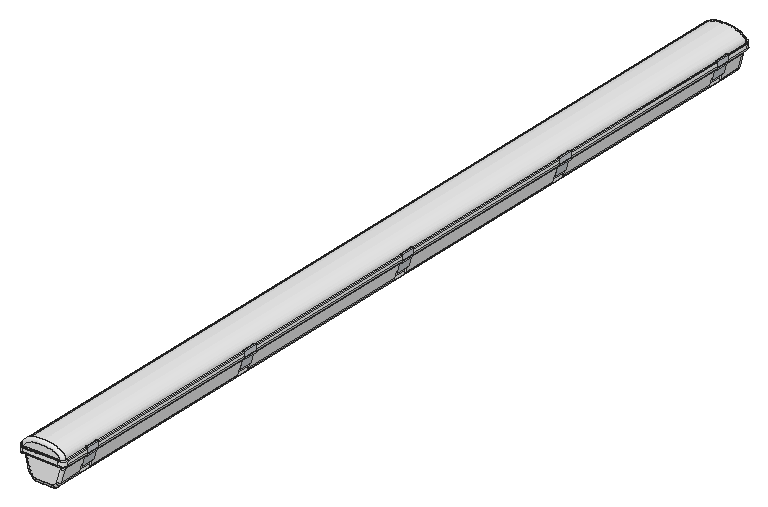
Revit family "0048727 Sylvania Lighting Fixture SYLPRF SUP LED G3 1500MM S 4K D E3", category Lighting Fixtures, host Face, Revit 2016
Family settings
  Host = Face
  Part Type = Normal
  Round Connector Dimension = Use Diameter
  OmniClass Number = 23.80.70.11.14
  OmniClass Title = General Luminaries, Directional
  Cut with Voids When Loaded = No
  Light Source = Yes
  Shared = No
  Room Calculation Point = No
Parameters (values of type "0048727 SYLPRF SUP LED G3 1500MM S 4K D E3")
  Width = 84 mm
  Weight = "kg"
  Wattage Comments = "n/a"
  Wattage = 33 W
  WarrantyStartDate [instance] = "n/a"
  WarrantyGuarantorParts = "n/a"
  WarrantyDurationUnit = "n/a"
  WarrantyDurationParts = "n/a"
  WarrantyDescription = "n/a"
  built-in parameter 1150110 = 1 (stored number, unit not read)
  Voltage = 230 V
  URL = "http://www.sylvania-lighting.com"
  TypeName = "SYLPRF SUP LED G3 1500MM S 4K D E3"
  Type Image = <None>
  Type Comments = "n/a"
  built-in parameter 1114217 = 1 (stored number, unit not read)
  Tilt Angle = -90.00°
  built-in parameter 1150109 = 1 (stored number, unit not read)
  built-in parameter 1150134 = 12
  built-in parameter 1150113 = 1 (stored number, unit not read)
  SerialNumber [instance] = "n/a"
  ReflectorMaterial = none
  PowerFactor = 0
  PowerConsumption = "33 W"
  Photometric Web File = "0048727.ies"
  NominalWidth = 0 mm
  NominalLength = 1578 mm
  NominalHeight = 75 mm
  Name = "SYLPRF SUP LED G3 1500MM S 4K D E3"
  ModelReference = "SYLPRF SUP LED G3 1500MM S 4K D E3"
  ModelNumber = "0048727"
  Model = "SYLPRF SUP LED G3 1500MM S 4K D E3"
  Material = "polycarbonate housing, polycarbonate diffuser"
  ManufacturerName = "Feilo Sylvania"
  Manufacturer = "Feilo Sylvania"
  LuminousEfficacy = "145 lm/W"
  built-in parameter 1150105 = 380.78 (stored number, unit not read)
  Lumens = 4785 lm
  LuminaireType = ""
  built-in parameter 1150115 = 1 (stored number, unit not read)
  LightOutputRatio = "n/a"
  built-in parameter 1150137 = (empty or 0)
  built-in parameter 1150139 = (empty or 0)
  Length = 1572 mm
  LampsType = Lamp  # "LED"
  LampNominalLuminous = "4800 lm"
  LampMacAdamStep = "3"
  LampColourTemperature = "4000 K"
  LampColourRenderingIndex = "80"
  built-in parameter 1150112 = 1 (stored number, unit not read)
  built-in parameter 1150114 = 1 (stored number, unit not read)
  Lamp = "LED"
  Keynote = "16500"
  InstallationDate [instance] = "n/a"
  InputVoltage = "220-240V~"
  InputNominalFrequency = "DC/50/60 Hz"
  built-in parameter 1150132 = (empty or 0)
  built-in parameter 1150102 = (empty or 0)
  built-in parameter 1150107 = 4000 (stored number, unit not read)
  built-in parameter 1150138 = (empty or 0)
  IngressProtection = "IP65"
  ImpactProtectionIndex = "IK08"
  built-in parameter 1150106 = 3.8078 (stored number, unit not read)
  IfcExportType = "IfcLightFixtureType"
  IfcExportAs = "IfcLightFixtureType"
  ExpectedLife = 50000
  Emit from Rectangle Width = Width - 20 mm  # 64 mm
  Emit from Rectangle Length = Length - 20 mm  # 1552 mm
  Emit Shape Visible in Rendering = no
  ElectricShockClassification = "Class I"
  built-in parameter 1150104 = 13.471 (stored number, unit not read)
  DurationUnit = "hours"
  DocumentationLiterature = "http://www.sylvania-lighting.com/product/en-int/products/0048727"
  DimmingControlOptions = "Dimmable"
  Dimming Lamp Color Temperature Shift = <None>
  DiffuserMaterial = Diffuser-Sylvania-Transparent
  Description = "Sylproof Superia, integrated LED weatherproof luminaire, with UV stabilized flat diffuser and linear prisms designed to achieve uniform lit appearance, optimise light output and to reduce glare, stainless steel diffuser clips and fixing brackets for surface and wall mounting. L 1578 mm x W 84 mm x H 75 mm size, Polycarbonate housing, Polycarbonate diffuser, DALI dimmable, 3 hour emergency, 4000K, CRI80,  4800 lm, 33 W, 145 lm/W, nominal average life (h):50000, energy class: A++ A+ A Class I,IK08, IP65."
  Default Elevation = 1219.2 mm
  CreatedOn = "3/27/2018"
  CreatedBy = "aron.fodor@feilosylvania.com"
  Cost = 0
  Color Filter = 16777215
  built-in parameter 1114216 [instance] = (empty or 0)
  ClassificationValue = "EF_70_80"
  ClassificationName = "Uniclass2015"
  BodyMaterial = Body-Sylvania-Gray
  BarCode [instance] = "n/a"
  built-in parameter 1114218 = 1 (stored number, unit not read)
  built-in parameter 1150133 = 10 (stored number, unit not read)
  AssetType = "Fixed"
  AssetIdentifier [instance] = "n/a"
  Assembly Code = "D5020200"
  Apparent Load = 33 VA
  AccessoryMaterial = Diffuser-Sylvania-Glow
Types (2, lengths in mm): name | Wattage | PowerConsumption | Photometric Web File | built-in parameter 1150105 | Lumens | LampNominalLuminous | built-in parameter 1150106 | Apparent Load
  0048727 SYLPRF SUP LED G3 1500MM S 4K D E3 | 33 W | "33 W" | "0048727.ies" | 380.78 (stored number, unit not read) | 4785 lm | "4800 lm" | 3.8078 (stored number, unit not read) | 33 VA
  0048727 SYLPRF SUP LED G3 1500MM S 4K D E3 Emergency mode | 1.51724 W | "1.51 W" | "0048727EM.ies" | 17.507 (stored number, unit not read) | 220 lm | "220 lm" | 0.17507 (stored number, unit not read) | 1.51724 VA
Reference planes
  plane 1 "Center (Front/Back)": y = 0
  plane 2: z = 0
  plane 3 "Center (Left/Right)": x = 0
  plane 4: z = 54
  plane 5: x = -14.7
  plane 6: x = -21.8
  plane 7: x = -26.6
  plane 8: x = -29.2
  plane 9: z = 3
  plane 10: z = 7.8
  plane 11: z = 12.3
  plane 12: z = 36.6
  plane 13: z = 42.8
  plane 14: x = -38.1
  plane 15: z = 46.2
  plane 16: x = -42
  plane 17: y = 786
  plane 18: y = -786
  plane 19: x = 14.7
  plane 20: x = 21.8
  plane 21: x = 26.6
  plane 22: x = 29.2
  plane 23: x = 38.1
  plane 24: x = 42
  plane 25: y = 778.4
  plane 26: y = -778.4
  plane 27: y = -774.7
  plane 28: y = 774.7
  plane 29: z = 74
  plane 30: x = -38.5
  plane 31: x = 38.5
  plane 32: z = 55.2
  plane 33: y = -782.5
  plane 34: y = 782.5
  plane 35: x = -24.5
  plane 36: x = 24.5
  plane 37: x = -35.7
  plane 38: x = 35.7
  plane 39: z = 50.2
  plane 40: z = 24.6
  plane 41: y = -720
  plane 42: y = -734
  plane 43: y = -706
  plane 44: y = 720
  plane 45: y = -720
  plane 46: y = -734
  plane 47: y = -706
  plane 48: y = 720
  plane 49: y = 706
  plane 50: y = 734
  plane 51: y = -360
  plane 52: y = -374
  plane 53: y = -346
  plane 54: y = 0
  plane 55: y = -14
  plane 56: y = 14
  plane 57: y = 360
  plane 58: y = 346
  plane 59: y = 374
Forms (mm)
  Sweep 1, solid, material "Body-Sylvania-Gray" <- "BodyMaterial", detail levels medium+fine
    path origin (1223.4, -4572, 54) x (0, -1, 0) y (1, 0, 0)
      loop
        arc (-3796, -1265.4) -> (-3788.929, -1262.471) -> (-3786, -1255.4) r 10
        line (-3786, -1255.4) -> (-3786, -1191.4)
        arc (-3786, -1191.4) -> (-3788.929, -1184.329) -> (-3796, -1181.4) r 10
        line (-3796, -1181.4) -> (-5348, -1181.4)
        arc (-5348, -1181.4) -> (-5355.071, -1184.329) -> (-5358, -1191.4) r 10
        line (-5358, -1191.4) -> (-5358, -1255.4)
        arc (-5358, -1255.4) -> (-5355.071, -1262.471) -> (-5348, -1265.4) r 10
        line (-5348, -1265.4) -> (-3796, -1265.4)
    profile origin (-42, 0, 54) x (-1, 0, 0) y (0, 0, 1)
      loop
        line (0, 0) -> (-1, 0) -> (-1, -7.726)
        arc (-1, -7.726) -> (-1.994, -9.498) -> (-3.9, -10.2) r 2.937
        line (-3.9, -10.2) -> (-8.571, -10.2) -> (-8.571, -11.2) -> (-3.9, -11.2)
        arc (-3.9, -11.2) -> (-1.313, -10.231) -> (0, -7.8) r 3.937
        line (0, -7.8) -> (0, 0)
  Sweep 2, solid, material "Body-Sylvania-Gray" <- "BodyMaterial", detail levels medium+fine
    path origin (0, 0, 0) x (1, 0, 0) y (0, 0, 1)
      loop
        line (35.7, 42.8) -> (35.7, 36.6) -> (29.203, 12.31)
        arc (29.203, 12.31) -> (28.199, 9.884) -> (26.6, 7.8) r 10.052
        line (26.6, 7.8) -> (21.8, 3)
        arc (21.8, 3) -> (18.554, 0.781) -> (14.7, 0) r 9.902
        line (14.7, 0) -> (0, 0) -> (-14.7, 0)
        arc (-14.7, 0) -> (-18.554, 0.781) -> (-21.8, 3) r 9.902
        line (-21.8, 3) -> (-26.6, 7.8)
        arc (-26.6, 7.8) -> (-28.199, 9.884) -> (-29.203, 12.31) r 10.052
        line (-29.203, 12.31) -> (-35.7, 36.6) -> (-35.7, 42.8)
    profile origin (0, 0, 0) x (0, 0, -1) y (0, -1, 0)
      loop
        arc (0, 773.4) -> (-1.464, 776.936) -> (-5, 778.4) r 5
        line (-5, 778.4) -> (-7.8, 778.4) -> (-7.8, -778.4) -> (-5, -778.4)
        arc (-5, -778.4) -> (-1.464, -776.936) -> (0, -773.4) r 5
        line (0, -773.4) -> (0, 773.4)
  Extrusion 3, solid, material "Body-Sylvania-Gray" <- "BodyMaterial", detail levels medium+fine
    sketch origin (1524, 778.4, 1219.2) x (1, 0, 0) y (0, 0, 1)
      loop
        arc (-1545.668, -1204.874) -> (-1545.443, -1205.418) -> (-1545.085, -1205.885) r 2.252
        line (-1545.085, -1205.885) -> (-1540.231, -1210.738)
        arc (-1540.231, -1210.738) -> (-1539.534, -1211.227) -> (-1538.7, -1211.4) r 2.102
        line (-1538.7, -1211.4) -> (-1509.3, -1211.4)
        arc (-1509.3, -1211.4) -> (-1508.466, -1211.227) -> (-1507.769, -1210.738) r 2.102
        line (-1507.769, -1210.738) -> (-1502.915, -1205.885)
        arc (-1502.915, -1205.885) -> (-1502.557, -1205.418) -> (-1502.332, -1204.874) r 2.252
        line (-1502.332, -1204.874) -> (-1496.1, -1181.575) -> (-1496.1, -1176.4) -> (-1551.9, -1176.4) -> (-1551.9, -1181.575) -> (-1545.668, -1204.874)
    from 0 to 1556.8
  Sweep 4, solid, material "Diffuser-Sylvania-Transparent" <- "DiffuserMaterial", detail levels medium+fine
    path origin (0, 0, 0) x (1, 0, 0) y (0, 0, 1)
      loop
        spline (-38.5, 55.2) -> (-37.188, 60.066) -> (-33.342, 64.6) -> (-27.224, 68.494) -> (-19.25, 71.481) -> (-9.965, 73.359) -> (0, 74) -> (9.965, 73.359) -> (19.25, 71.481) -> (27.224, 68.494) -> (33.342, 64.6) -> (37.188, 60.066) -> (38.5, 55.2)
    profile origin (38.5, 0, 55.2) x (0, -1, 0) y (1, 0, 0)
      loop
        arc (782.5, -5.5) -> (780.889, -1.611) -> (777, 0) r 5.5
        line (777, 0) -> (-777, 0)
        arc (-777, 0) -> (-780.889, -1.611) -> (-782.5, -5.5) r 5.5
        line (-782.5, -5.5) -> (-782.5, -6.3) -> (-781.5, -6.3) -> (-781.5, -5.5)
        arc (-781.5, -5.5) -> (-780.182, -2.318) -> (-777, -1) r 4.5
        line (-777, -1) -> (777, -1)
        arc (777, -1) -> (780.182, -2.318) -> (781.5, -5.5) r 4.5
        line (781.5, -5.5) -> (781.5, -6.347) -> (782.5, -6.347) -> (782.5, -5.5)
  Extrusion 5, solid, material "Diffuser-Sylvania-Transparent" <- "DiffuserMaterial", detail levels medium+fine
    sketch origin (1524, -782.5, 1219.2) x (1, 0, 0) y (0, 0, 1)
      loop
        line (-1556.653, -1164) -> (-1491.347, -1164)
        spline (-1491.347, -1164) -> (-1491.939, -1161.945) -> (-1494.434, -1159.066) -> (-1499.342, -1155.96) -> (-1506.338, -1153.35) -> (-1514.799, -1151.648) -> (-1524, -1151.047) -> (-1533.201, -1151.648) -> (-1541.662, -1153.35) -> (-1548.658, -1155.96) -> (-1553.566, -1159.066) -> (-1556.061, -1161.945) -> (-1556.653, -1164)
    from 0 to -1
  Extrusion 6, solid, material "Diffuser-Sylvania-Transparent" <- "DiffuserMaterial", detail levels medium+fine
    sketch origin (1524, 782.5, 1219.2) x (1, 0, 0) y (0, 0, 1)
      loop
        spline (-1491.3, -1164) -> (-1491.898, -1161.922) -> (-1494.404, -1159.03) -> (-1499.322, -1155.918) -> (-1506.325, -1153.305) -> (-1514.793, -1151.602) -> (-1524, -1151) -> (-1533.207, -1151.602) -> (-1541.675, -1153.305) -> (-1548.678, -1155.918) -> (-1553.596, -1159.03) -> (-1556.102, -1161.922) -> (-1556.7, -1164)
        line (-1556.7, -1164) -> (-1491.3, -1164)
    from 0 to 1
  Extrusion 7, solid, material "Diffuser-Sylvania-Glow" <- "AccessoryMaterial", detail levels fine
    sketch origin (0, 0, 0) x (1, 0, 0) y (0, 0, 1)
      loop
        circle (0, 50.2) r 8
    from -774.7 to 774.7
  Extrusion 8, void
    sketch origin (0, -720, 2343.807) x (0, 0, -1) y (-1, 0, 0)
      loop
        line (2340.807, -24.5) -> (2331.507, -24.5) -> (2319.207, -29.2) -> (2319.207, -35.7) -> (2340.807, -35.7) -> (2340.807, -24.5)
      loop
        line (2340.807, 24.5) -> (2340.807, 35.7) -> (2319.207, 35.7) -> (2319.207, 29.2) -> (2331.507, 24.5) -> (2340.807, 24.5)
    from 14 to -14
  Extrusion 9, void, not visible
    sketch origin (0, -720, 2343.807) x (0, 0, -1) y (-1, 0, 0)
      loop
        line (2340.807, -24.5) -> (2331.507, -24.5) -> (2319.207, -29.2) -> (2319.207, -35.7) -> (2340.807, -35.7) -> (2340.807, -24.5)
      loop
        line (2340.807, 24.5) -> (2340.807, 35.7) -> (2319.207, 35.7) -> (2319.207, 29.2) -> (2331.507, 24.5) -> (2340.807, 24.5)
    from 14 to -14
  Extrusion 10, void
    sketch origin (0, 720, 2343.807) x (0, 0, -1) y (-1, 0, 0)
      loop
        line (2340.807, -24.5) -> (2331.507, -24.5) -> (2319.207, -29.2) -> (2319.207, -35.7) -> (2340.807, -35.7) -> (2340.807, -24.5)
      loop
        line (2340.807, 24.5) -> (2340.807, 35.7) -> (2319.207, 35.7) -> (2319.207, 29.2) -> (2331.507, 24.5) -> (2340.807, 24.5)
    from 14 to -14
  Extrusion 11, void
    sketch origin (0, -360, 2343.807) x (0, 0, -1) y (-1, 0, 0)
      loop
        line (2340.807, -24.5) -> (2331.507, -24.5) -> (2319.207, -29.2) -> (2319.207, -35.7) -> (2340.807, -35.7) -> (2340.807, -24.5)
      loop
        line (2340.807, 24.5) -> (2340.807, 35.7) -> (2319.207, 35.7) -> (2319.207, 29.2) -> (2331.507, 24.5) -> (2340.807, 24.5)
    from 14 to -14
  Extrusion 12, void
    sketch origin (0, 0, 2343.807) x (0, 0, -1) y (-1, 0, 0)
      loop
        line (2340.807, -24.5) -> (2331.507, -24.5) -> (2319.207, -29.2) -> (2319.207, -35.7) -> (2340.807, -35.7) -> (2340.807, -24.5)
      loop
        line (2340.807, 24.5) -> (2340.807, 35.7) -> (2319.207, 35.7) -> (2319.207, 29.2) -> (2331.507, 24.5) -> (2340.807, 24.5)
    from 14 to -14
  Extrusion 13, void
    sketch origin (0, 360, 2343.807) x (0, 0, -1) y (-1, 0, 0)
      loop
        line (2340.807, -24.5) -> (2331.507, -24.5) -> (2319.207, -29.2) -> (2319.207, -35.7) -> (2340.807, -35.7) -> (2340.807, -24.5)
      loop
        line (2340.807, 24.5) -> (2340.807, 35.7) -> (2319.207, 35.7) -> (2319.207, 29.2) -> (2331.507, 24.5) -> (2340.807, 24.5)
    from 14 to -14
  Extrusion 14, solid, material "Diffuser-Sylvania-Transparent" <- "DiffuserMaterial", detail levels medium+fine
    sketch origin (1223.4, -4572, 54) x (0, -1, 0) y (-1, 0, 0)
      loop
        arc (-5348, 1265.4) -> (-5355.071, 1262.471) -> (-5358, 1255.4) r 10
        line (-5358, 1255.4) -> (-5358, 1191.4)
        arc (-5358, 1191.4) -> (-5355.071, 1184.329) -> (-5348, 1181.4) r 10
        line (-5348, 1181.4) -> (-3796, 1181.4)
        arc (-3796, 1181.4) -> (-3788.929, 1184.329) -> (-3786, 1191.4) r 10
        line (-3786, 1191.4) -> (-3786, 1255.4)
        arc (-3786, 1255.4) -> (-3788.929, 1262.471) -> (-3796, 1265.4) r 10
        line (-3796, 1265.4) -> (-5348, 1265.4)
      loop
        arc (-5354.5, 1190.394) -> (-5352.887, 1186.509) -> (-5349, 1184.9) r 5.5
        line (-5349, 1184.9) -> (-3795, 1184.9)
        arc (-3795, 1184.9) -> (-3791.113, 1186.509) -> (-3789.5, 1190.394) r 5.5
        line (-3789.5, 1190.394) -> (-3789.5, 1256.406)
        arc (-3789.5, 1256.406) -> (-3791.113, 1260.291) -> (-3795, 1261.9) r 5.5
        line (-3795, 1261.9) -> (-5349, 1261.9)
        arc (-5349, 1261.9) -> (-5352.887, 1260.291) -> (-5354.5, 1256.406) r 5.5
        line (-5354.5, 1256.406) -> (-5354.5, 1190.394)
    from 0 to -1.2
  Extrusion 15, solid, material "Body-Sylvania-Gray" <- "BodyMaterial", detail levels coarse
    sketch origin (0, 0, 0) x (1, 0, 0) y (0, 0, 1)
      loop
        line (-42, 55.2) -> (-42, 42.8) -> (-26.6, 0) -> (26.6, 0) -> (42, 42.8) -> (42, 55.2) -> (-42, 55.2)
    from -786 to 786
  Extrusion 16, solid, material "Diffuser-Sylvania-Transparent" <- "DiffuserMaterial", detail levels coarse
    sketch origin (0, 0, 0) x (1, 0, 0) y (0, 0, 1)
      loop
        line (-38.5, 55.2) -> (38.5, 55.2)
        arc (38.5, 55.2) -> (0, 74) -> (-38.5, 55.2) r 48.822
    from -778.4 to 778.4
Cuts and joins
  Extrusion 8, Extrusion 10, Extrusion 11, Extrusion 12, Extrusion 13 cuts Sweep 2
  Extrusion 8, Extrusion 10, Extrusion 11, Extrusion 12, Extrusion 13 cuts Extrusion 3
  joined: Sweep 2, Extrusion 3
  joined: Sweep 4, Extrusion 5, Extrusion 6, Extrusion 14
Dimensions and locks
  locked: plane 4 to plane 2 at 54
  plane 5 to plane 6 to plane 7 to plane 8 to plane 14 to plane 16 = 7.1 mm locked, 4.8 mm locked, 2.6 mm locked, 8.9 mm locked, 3.9 mm locked
  plane 4 to plane 15 to plane 13 to plane 12 to plane 11 to plane 10 to plane 9 = 7.8 mm locked, 3.4 mm, 6.2 mm locked, 24.3 mm locked, 4.5 mm locked, 4.8 mm locked
  equal spacing: plane 18, plane 1 "Center (Front/Back)", plane 17
  "Length": plane 18 to plane 17
  plane 19 to plane 20 to plane 21 to plane 22 to plane 23 to plane 24 = 7.1 mm locked, 4.8 mm locked, 2.6 mm locked, 8.9 mm, 3.9 mm
  equal spacing: plane 24, plane 3 "Center (Left/Right)", plane 16
  "Width": plane 24 to plane 16
  equal spacing: plane 27, plane 1 "Center (Front/Back)", plane 28
  locked: plane 26 to plane 27 at 3.7
  locked: Sweep 1 sketch curve to profile plane at 1
  locked: Sweep 1 sketch curve to plane 13 at 1
  locked: Sweep 1 sketch curve to plane 13 at 3.937  (x2)
  locked: Sweep 1 sketch curve to profile plane at 3.9  (x2)
  plane 29 to plane 4 = 20 mm
  equal spacing: plane 31, plane 3 "Center (Left/Right)", plane 30
  locked: plane 30 to plane 16 at 3.5
  locked: plane 32 to plane 4 at 1.2
  equal spacing: plane 33, plane 1 "Center (Front/Back)", plane 34
  equal spacing: plane 36, plane 3 "Center (Left/Right)", plane 35
  locked: plane 34 to plane 17 at 3.5
  equal spacing: plane 38, plane 3 "Center (Left/Right)", plane 37
  locked: plane 37 to plane 16 at 6.3
  equal spacing: plane 25, plane 1 "Center (Front/Back)", plane 26
  locked: plane 17 to plane 25 at 7.6
  locked: Sweep 2 sketch curve to plane 2 at 5  (x2)
  locked: Sweep 2 sketch curve to plane 26 at 5
  locked: plane 25 to Sweep 2 sketch curve at 5
  locked: Sweep 4 sketch curve to plane 31 at 5.5  (x2)
  locked: Sweep 4 sketch curve to plane 34 at 5.5
  plane 33 to Sweep 4 sketch curve = 5.5 mm
  locked: plane 34 to Sweep 4 sketch curve at 1
  locked: Sweep 4 sketch curve to plane 31 at 1
  locked: Sweep 4 sketch curve to Sweep 4 sketch curve at 1
  locked: Sweep 4 sketch curve to plane 31 at 6.347
  locked: Sweep 4 sketch curve to plane 31 at 6.3
  locked: plane 40 to plane 2 at 24.6
  locked: plane 6 to plane 35 at 2.7
  locked: plane 1 "Center (Front/Back)" to plane 41 at 720
  plane 43 to plane 41 to plane 42 = 14 mm locked, 14 mm locked
  locked: plane 44 to plane 1 "Center (Front/Back)" at 720
  plane 47 to plane 45 to plane 46 = 14 mm locked, 14 mm locked
  plane 50 to plane 48 to plane 49 = 14 mm locked, 14 mm locked  (x2)
  equal spacing: group 1, group 6, group 7, group 8, group 5  (x3)
  plane 53 to plane 51 to plane 52 = 14 mm locked, 14 mm locked  (x2)
  plane 56 to plane 54 to plane 55 = 14 mm locked, 14 mm locked  (x2)
  plane 59 to plane 57 to plane 58 = 14 mm locked, 14 mm locked  (x2)
  plane 48 to plane 57 to plane 1 "Center (Front/Back)" to plane 51 to plane 41 = 360 mm locked, 360 mm locked, 360 mm locked, 360 mm locked
  aligned and locked: plane 2 to host face
  aligned and locked: level to host face
  aligned and locked: plane 16 to Sweep 1 sketch curve
  aligned and locked: Sweep 1 sketch curve to plane 24
  aligned and locked: plane 18 to Sweep 1 sketch curve
  aligned and locked: Sweep 1 sketch curve to plane 13
  aligned and locked: profile plane to Sweep 1 sketch curve
  aligned and locked: plane 3 "Center (Left/Right)" to Sweep 2 sketch curve
  aligned and locked: plane 9 to Sweep 2 sketch curve
  aligned and locked: plane 10 to Sweep 2 sketch curve
  aligned and locked: plane 37 to Sweep 2 sketch curve
  aligned and locked: plane 12 to Sweep 2 sketch curve
  aligned and locked: Sweep 2 sketch curve to level
  aligned and locked: plane 21 to Sweep 2 sketch curve
  aligned and locked: plane 38 to Sweep 2 sketch curve
  aligned and locked: profile plane to Sweep 2 sketch curve
  aligned and locked: plane 25 to Sweep 2 sketch curve
  aligned and locked: Sweep 2 sketch curve to plane 10
  aligned and locked: Extrusion 3 sketch curve to Sweep 2  (x7)
  aligned and locked: Sweep 2 to Extrusion 3 sketch curve
  aligned and locked: Extrusion 3 to plane 25
  aligned and locked: plane 26 to Extrusion 3
  aligned and locked: plane 32 to Sweep 4 sketch curve
  aligned and locked: plane 33 to Sweep 4 sketch curve
  aligned and locked: Sweep 4 to Extrusion 5
  aligned and locked: plane 33 to Extrusion 5
  aligned and locked: plane 39 to Extrusion 7 sketch curve
  aligned and locked: plane 27 to Extrusion 7
  aligned and locked: Extrusion 7 to plane 28
  aligned and locked: Extrusion 6 sketch curve to Sweep 4
  aligned and locked: Extrusion 5 sketch curve to Sweep 4
  aligned and locked: Extrusion 8 to plane 43
  aligned and locked: plane 42 to Extrusion 8
  aligned and locked: Extrusion 10 to plane 50
  aligned and locked: plane 49 to Extrusion 10
  aligned and locked: Extrusion 11 to plane 53
  aligned and locked: plane 52 to Extrusion 11
  aligned and locked: Extrusion 12 to plane 56
  aligned and locked: plane 55 to Extrusion 12
  aligned and locked: Extrusion 13 to plane 59
  aligned and locked: plane 58 to Extrusion 13
  aligned and locked: plane 3 "Center (Left/Right)" to Extrusion 7 sketch curve
  aligned and locked: Extrusion 14 sketch curve to Sweep 1  (x4)
  aligned and locked: Extrusion 14 to plane 32
  aligned and locked: plane 4 to Extrusion 14
  aligned and locked: plane 48 to nested 1
  aligned and locked: plane 57 to nested 2
  aligned and locked: plane 54 to nested 3
  aligned and locked: nested 4 to plane 51
  aligned and locked: nested 5 to plane 41
  aligned and locked: plane 41 to nested 10
  aligned and locked: plane 51 to nested 9
  aligned and locked: plane 54 to nested 8
  aligned and locked: plane 57 to nested 7
  aligned and locked: plane 48 to nested 6
  aligned and locked: plane 1 "Center (Front/Back)" to imposter light
  aligned and locked: plane 3 "Center (Left/Right)" to imposter light
  aligned and locked: imposter light to plane 29
  aligned and locked: plane 7 to Extrusion 15 sketch curve
  aligned and locked: plane 2 to Extrusion 15 sketch curve
  aligned and locked: Extrusion 15 sketch curve to nested 6
  aligned and locked: Extrusion 15 sketch curve to nested 1
  aligned and locked: plane 18 to Extrusion 15
  aligned and locked: Extrusion 15 to plane 17
  aligned and locked: Extrusion 15 to Sweep 1  (x2)
  aligned and locked: plane 30 to Extrusion 16 sketch curve
  aligned and locked: plane 31 to Extrusion 16 sketch curve
  aligned and locked: Extrusion 16 sketch curve to cut or joined group of Sweep 4, Extrusion 5, Extrusion 6, Extrusion 14
  aligned and locked: Extrusion 16 to plane 25
  aligned and locked: plane 26 to Extrusion 16
Automatic sketch dimensions
  host sketch curve to host sketch curve = 2438.4 mm  (x2)
  plane 17 to Sweep 1 sketch curve = 0 mm
  Sweep 1 sketch curve to plane 28 = 1.3 mm
  Sweep 1 sketch curve to plane 7 = 5.4 mm
  plane 27 to Sweep 1 sketch curve = 1.3 mm  (x2)
  Sweep 1 sketch curve to Sweep 1 sketch curve = 4.671 mm
  Sweep 1 sketch curve to plane 4 = 0 mm
  Sweep 2 sketch curve to plane 7 = 0 mm
  Sweep 2 sketch curve to plane 6 = 0 mm
  Sweep 2 sketch curve to plane 5 = 0 mm
  plane 19 to Sweep 2 sketch curve = 0 mm
  Sweep 2 sketch curve to plane 9 = 0 mm
  plane 20 to Sweep 2 sketch curve = 0 mm
  Sweep 2 sketch curve to plane 12 = 0 mm
  Sweep 2 sketch curve to plane 10 = 0 mm
  Sweep 2 sketch curve to plane 13 = 0 mm  (x2)
  Sweep 2 sketch curve to plane 8 = 0.003 mm
  plane 6 to Sweep 2 sketch curve = 2.308 mm
  plane 20 to Sweep 2 sketch curve = 2.308 mm
  Sweep 2 sketch curve to plane 22 = 0.003 mm
  Sweep 2 sketch curve to plane 11 = 0.01 mm  (x2)
  Extrusion 3 sketch curve to plane 5 = 0 mm
  plane 19 to Extrusion 3 sketch curve = 0 mm
  plane 6 to Extrusion 3 sketch curve = 0.132 mm
  plane 6 to Extrusion 3 sketch curve = 0.715 mm
  Extrusion 3 sketch curve to Extrusion 3 sketch curve = 1.592 mm
  Extrusion 3 sketch curve to plane 10 = 0.662 mm  (x2)
  plane 20 to Extrusion 3 sketch curve = 2.308 mm
  plane 20 to Extrusion 3 sketch curve = 0.715 mm
  plane 20 to Extrusion 3 sketch curve = 0.132 mm
  Sweep 4 sketch curve to plane 30 = 0 mm
  Sweep 4 sketch curve to plane 3 "Center (Left/Right)" = 0 mm
  Sweep 4 sketch curve to Sweep 4 sketch curve = 0 mm  (x2)
  plane 37 to Extrusion 6 sketch curve = 3 mm
  Extrusion 6 sketch curve to plane 38 = 3 mm
  plane 37 to Extrusion 5 sketch curve = 3.047 mm
  Extrusion 5 sketch curve to plane 38 = 3.047 mm
  Extrusion 8 sketch curve to Extrusion 8 sketch curve = 0 mm
  Extrusion 8 sketch curve to Extrusion 8 sketch curve = 12.3 mm  (x2)
  Extrusion 8 sketch curve to Extrusion 8 sketch curve = 9.3 mm  (x2)
  Extrusion 8 sketch curve to Extrusion 8 sketch curve = 6.5 mm  (x2)
  Extrusion 8 sketch curve to Extrusion 8 sketch curve = 4.7 mm  (x2)
  Extrusion 8 sketch curve to Extrusion 8 sketch curve = 49 mm
  Extrusion 9 sketch curve to Extrusion 9 sketch curve = 0 mm
  Extrusion 9 sketch curve to Extrusion 9 sketch curve = 12.3 mm  (x2)
  Extrusion 9 sketch curve to Extrusion 9 sketch curve = 9.3 mm  (x2)
  Extrusion 9 sketch curve to Extrusion 9 sketch curve = 6.5 mm  (x2)
  Extrusion 9 sketch curve to Extrusion 9 sketch curve = 4.7 mm  (x2)
  Extrusion 9 sketch curve to Extrusion 9 sketch curve = 49 mm
  Extrusion 10 sketch curve to Extrusion 10 sketch curve = 0 mm
  Extrusion 10 sketch curve to Extrusion 10 sketch curve = 12.3 mm  (x2)
  Extrusion 10 sketch curve to Extrusion 10 sketch curve = 9.3 mm  (x2)
  Extrusion 10 sketch curve to Extrusion 10 sketch curve = 6.5 mm  (x2)
  Extrusion 10 sketch curve to Extrusion 10 sketch curve = 4.7 mm  (x2)
  Extrusion 10 sketch curve to Extrusion 10 sketch curve = 49 mm
  Extrusion 11 sketch curve to Extrusion 11 sketch curve = 0 mm
  Extrusion 11 sketch curve to Extrusion 11 sketch curve = 12.3 mm  (x2)
  Extrusion 11 sketch curve to Extrusion 11 sketch curve = 9.3 mm  (x2)
  Extrusion 11 sketch curve to Extrusion 11 sketch curve = 6.5 mm  (x2)
  Extrusion 11 sketch curve to Extrusion 11 sketch curve = 4.7 mm  (x2)
  Extrusion 11 sketch curve to Extrusion 11 sketch curve = 49 mm
  Extrusion 12 sketch curve to Extrusion 12 sketch curve = 0 mm
  Extrusion 12 sketch curve to Extrusion 12 sketch curve = 12.3 mm  (x2)
  Extrusion 12 sketch curve to Extrusion 12 sketch curve = 9.3 mm  (x2)
  Extrusion 12 sketch curve to Extrusion 12 sketch curve = 6.5 mm  (x2)
  Extrusion 12 sketch curve to Extrusion 12 sketch curve = 4.7 mm  (x2)
  Extrusion 12 sketch curve to Extrusion 12 sketch curve = 49 mm
  Extrusion 13 sketch curve to Extrusion 13 sketch curve = 0 mm
  Extrusion 13 sketch curve to Extrusion 13 sketch curve = 12.3 mm  (x2)
  Extrusion 13 sketch curve to Extrusion 13 sketch curve = 9.3 mm  (x2)
  Extrusion 13 sketch curve to Extrusion 13 sketch curve = 6.5 mm  (x2)
  Extrusion 13 sketch curve to Extrusion 13 sketch curve = 4.7 mm  (x2)
  Extrusion 13 sketch curve to Extrusion 13 sketch curve = 49 mm
  Extrusion 14 sketch curve to plane 34 = 0 mm
  plane 30 to Extrusion 14 sketch curve = 0 mm
  Extrusion 14 sketch curve to plane 31 = 0 mm
  plane 33 to Extrusion 14 sketch curve = 0 mm
  plane 25 to Extrusion 14 sketch curve = 1.4 mm  (x4)
  Extrusion 14 sketch curve to plane 26 = 1.4 mm  (x4)
  plane 37 to Extrusion 14 sketch curve = 2.694 mm  (x2)
  Extrusion 14 sketch curve to plane 38 = 2.694 mm  (x2)
  plane 21 to Extrusion 15 sketch curve = 0 mm
  Extrusion 15 sketch curve to plane 13 = 0 mm  (x2)
  Extrusion 15 sketch curve to plane 32 = 0 mm
  Extrusion 16 sketch curve to plane 40 = 0.578 mm
  radius of Extrusion 7 sketch curve = 8 mm
Nested families
  nested 1: "Clip" at (-29.2, 720, 24.6) x (-1, 0, 0) z (0, 0, 1), type "Clip", detail levels fine
  nested 2: "Clip" at (-29.2, 360, 24.6) x (-1, 0, 0) z (0, 0, 1), type "Clip", detail levels fine
  nested 3: "Clip" at (-29.2, 0, 24.6) x (-1, 0, 0) z (0, 0, 1), type "Clip", detail levels fine
  nested 4: "Clip" at (-29.2, -360, 24.6) x (-1, 0, 0) z (0, 0, 1), type "Clip", detail levels fine
  nested 5: "Clip" at (-29.2, -720, 24.6) x (-1, 0, 0) z (0, 0, 1), type "Clip", detail levels fine
  nested 6: "Clip" at (29.2, 720, 24.6), type "Clip", detail levels fine
  nested 7: "Clip" at (29.2, 360, 24.6), type "Clip", detail levels fine
  nested 8: "Clip" at (29.2, 0, 24.6), type "Clip", detail levels fine
  nested 9: "Clip" at (29.2, -360, 24.6), type "Clip", detail levels fine
  nested 10: "Clip" at (29.2, -720, 24.6), type "Clip", detail levels fine
Connectors
  electrical at (0, 0, 0), driven by "Apparent Load"
    settings: index 1, voltage 230 V, apparent load 33 VA, apparent load phase1 0 VA, apparent load phase2 0 VA, apparent load phase3 0 VA, power factor 0, load classification "Lighting", number of poles 1, system type 30, power factor state 1, is connector primary yes, connector utility no, sub classification motor no, connector description ""
Definition of nested family "Clip"
  Parameters (values of type "Clip")
    URL = "http://www.feilosylvania.com"
    Type Comments = "n/a"
    Model = "n/a"
    Manufacturer = "Feilo Sylvania"
    Keynote = "n/a"
    Description = "n/a"
    Default Elevation = 1219.2 mm
    Cost = 0
    BodyMaterial = none
    Assembly Code = "n/a"
  Reference planes
    plane 1 "Center (Front/Back)": y = 0
    plane 2: z = 0
    plane 3 "Center (Left/Right)": x = 0
    plane 4: x = 3.3
    plane 5: x = 6.5
    plane 6: x = 8.9
    plane 7: x = 12.8
    plane 8: z = 12
    plane 9: z = 18.2
    plane 10: z = 21.6
    plane 11: z = 30.6
    plane 12: x = 9.3
    plane 13: z = 19.2
    plane 14: z = 16.2
    plane 15: x = 10.1
    plane 16: y = 12
    plane 17: y = -12
  Forms (mm)
    Extrusion 1, solid
      sketch origin (-0.8, 0, 0) x (1, 0, 0) y (0, 1, 0)
        loop
          line (-1219.2, 1219.2) -> (-1219.2, -1219.2) -> (1219.2, -1219.2) -> (1219.2, 1219.2) -> (-1219.2, 1219.2)
      from 0 to -304.8
    Extrusion 2, solid
      sketch origin (0, 0, 0) x (1, 0, 0) y (0, 0, 1)
        loop
          line (8.9, 16.2) -> (4.58, 0) -> (0, 0) -> (0, -0.8) -> (5.195, -0.8) -> (9.603, 15.731) -> (13.6, 18.806) -> (13.6, 30.6)
          arc (13.6, 30.6) -> (11.45, 32.75) -> (9.3, 30.6) r 2.15
          line (9.3, 30.6) -> (10.1, 30.6)
          arc (10.1, 30.6) -> (11.45, 31.95) -> (12.8, 30.6) r 1.35
          line (12.8, 30.6) -> (12.8, 19.2) -> (8.9, 16.2)
      from -12 to 12
  Lines and regions (mm)
    reference lines
      curve 1: line (3.3, 0, 0) -> (6.5, 0, 12)
      curve 2: arc (8.9, 0, 18.2) -> (11.488, 0, 19.169) -> (12.8, 0, 21.6) r 3.934
  Dimensions and locks
    plane 7 to plane 6 to plane 5 to plane 4 to plane 3 "Center (Left/Right)" = 3.9 mm locked, 2.4 mm locked, 3.2 mm locked, 3.3 mm locked
    plane 11 to plane 10 to plane 9 to plane 8 to plane 2 = 9 mm locked, 3.4 mm locked, 6.2 mm locked, 12 mm locked
    locked: plane 7 to plane 12 at 3.5
    locked: plane 13 to plane 9 at 1
    locked: plane 9 to plane 14 at 2
    locked: plane 15 to plane 12 at 0.8
    locked: plane 2 to Extrusion 2 sketch curve at 0.8
    locked: Extrusion 2 sketch curve to Extrusion 2 sketch curve at 0.8  (x3)
    locked: plane 7 to Extrusion 2 sketch curve at 1.35
    equal spacing: plane 17, plane 1 "Center (Front/Back)", plane 16
    locked: plane 1 "Center (Front/Back)" to plane 16 at 12
    aligned and locked: plane 2 to Extrusion 1
    aligned and locked: level to Extrusion 1
    aligned and locked: plane 4 to curve 1
    aligned and locked: plane 5 to curve 1
    aligned and locked: plane 6 to curve 2
    aligned and locked: plane 10 to curve 2
    aligned and locked: plane 14 to Extrusion 2 sketch curve
    aligned and locked: plane 13 to Extrusion 2 sketch curve
    aligned and locked: plane 7 to Extrusion 2 sketch curve
    aligned and locked: plane 3 "Center (Left/Right)" to Extrusion 2 sketch curve
    aligned and locked: Extrusion 2 sketch curve to level
    aligned and locked: Extrusion 2 sketch curve to plane 11
    aligned and locked: plane 11 to Extrusion 2 sketch curve
    aligned and locked: Extrusion 2 to plane 16
    aligned and locked: plane 17 to Extrusion 2
  Automatic sketch dimensions
    Extrusion 1 sketch curve to Extrusion 1 sketch curve = 2438.4 mm  (x2)
    curve 2 to plane 7 = 0 mm
    curve 1 to level = 0 mm
    curve 1 to plane 8 = 0 mm
    curve 2 to plane 9 = 0 mm
    plane 6 to curve 2 = 0.002 mm
    Extrusion 2 sketch curve to Extrusion 2 sketch curve = 0 mm
    Extrusion 2 sketch curve to plane 6 = 0 mm
    plane 4 to Extrusion 2 sketch curve = 1.28 mm
